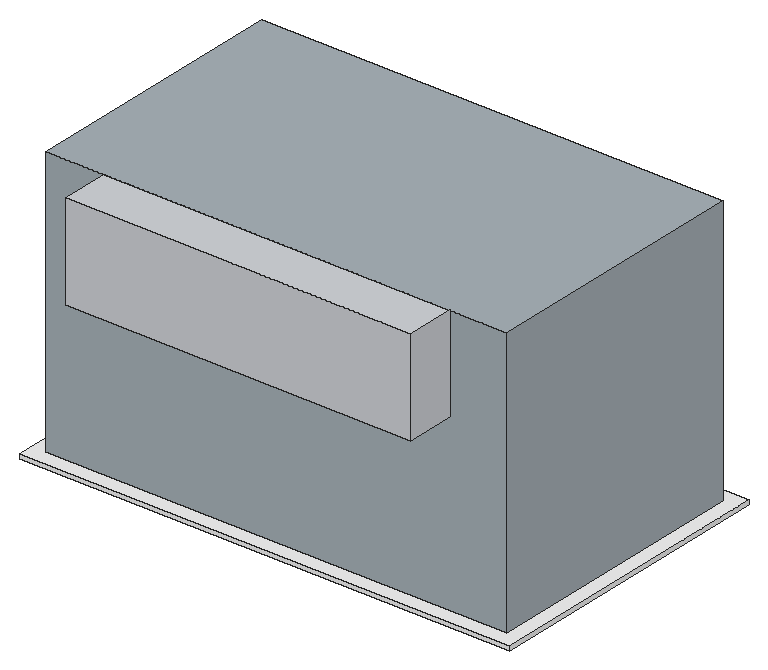
Revit family "QCF800", category Mechanical Equipment, Revit 2016
Family settings
  Part Type = Normal
  Round Connector Dimension = Use Diameter
  OmniClass Number = 23.75.70.21.24.11
  OmniClass Title = Constant Volume Air Terminal Units
  Work Plane-Based = Yes
  Always vertical = Yes
  Cut with Voids When Loaded = No
  Shared = No
  Room Calculation Point = No
Parameters (values of type "QCF800")
  CFM@0.10" S.P. [instance] = 693 CFM
  Frequency [instance] = 60 Hz
  Watt [instance] = 185 W
  Volts_AC [instance] = 120 VA
  Default Elevation = 6' - 0"
  CFM = "SP 0/CFM 755 - SP 0.10/CFM 693 - SP 0.30/CFM 580"
  C. DEPTH [instance] = 0' - 2 1/2"
  A [instance] = 2' - 0"
  E [instance] = 0' - 5"
  URL = "http://www.reversomatic.com/product/qcf-800/"
  RPM [instance] = 29.733 m³
  D [instance] = 1' - 6"
  Model = "QCF800"
  Manufacturer = "REVERSOMATIC"
  C [instance] = 1' - 2"
  B [instance] = 1' - 2"
  Description = "CEILING OR IN-LINE TWIN BLOWER FANS"
  F [instance] = 1' - 3 1/2"
  G [instance] = 2' - 1 1/2"
  Amps [instance] = 5.2 A
Reference planes (in)
  plane 1 "Center (Front/Back)": y = 0
  plane 2: z = 0
  plane 3 "Center (Left/Right)": x = 0
  plane 4: z = 14
  plane 5: y = 7
  plane 6: y = -7
  plane 7: x = 12
  plane 8: x = -12
  plane 9: y = 7.75
  plane 10: x = 12.75
  plane 11: y = -7.75
  plane 12: x = -12.75
  plane 13: x = -9
  plane 14: x = 9
  plane 15: z = 5
Forms (in)
  Extrusion 1, solid, material "Default New Material"
    sketch origin (0, 0, 0) x (1, 0, 0) y (0, 1, 0)
      loop
        line (-12, 7) -> (-12, -7) -> (12, -7) -> (12, 7) -> (-12, 7)
    from 0 to 14
  Extrusion 2, solid, material "Default"
    sketch origin (0, 0, 0) x (0, 1, 0) y (1, 0, 0)
      loop
        line (-7.75, 12.75) -> (-7.75, -12.75) -> (7.75, -12.75) -> (7.75, 12.75) -> (-7.75, 12.75)
    from 0 to 0.24475
  Extrusion 3, solid
    sketch origin (12, -7, 9) x (-1, 0, 0) y (0, 0, -1)
      loop
        line (21, 0) -> (3, 0) -> (3, -5) -> (21, -5) -> (21, 0)
    from 0 to 2.5
Lines and regions (in)
  model lines, not visible
    curve 1: line (-9.88226, 2.47827, 0.12972) -> (-9.88226, -5.27173, 0.12972)
    curve 2: line (-9.39339, 1.7977, 0.08881) -> (-9.39339, -4.7023, 0.08881)
    curve 3: line (-8.82749, 1.22023, 0.04145) -> (-8.82749, -4.02977, 0.04145)
    curve 4: line (-8.31817, 0.7005, -0.00117) -> (-8.31817, -3.5495, -0.00117)
Dimensions and locks (in)
  "C": plane 4 to level
  equal spacing: plane 8, plane 3 "Center (Left/Right)", plane 7
  "A": plane 8 to plane 7
  equal spacing: plane 5, plane 1 "Center (Front/Back)", plane 6
  "B": plane 5 to plane 6
  equal spacing: plane 12, plane 3 "Center (Left/Right)", plane 10
  "G": plane 12 to plane 10
  equal spacing: plane 9, plane 1 "Center (Front/Back)", plane 11
  "F": plane 9 to plane 11
  equal spacing: plane 13, plane 3 "Center (Left/Right)", plane 14
  "D": plane 13 to plane 14
  "E": plane 15 to level
  connector elem to plane 13 = 0' - 9"
  "C. DEPTH": plane 6 to Extrusion 3
  aligned and locked: plane 2 to level
  aligned and locked: plane 4 to Extrusion 1
  aligned and locked: Extrusion 1 to plane 7
  aligned and locked: Extrusion 1 to plane 5
  aligned and locked: plane 8 to Extrusion 1
  aligned and locked: Extrusion 1 to plane 6
  aligned and locked: Extrusion 2 to plane 9
  aligned and locked: plane 10 to Extrusion 2
  aligned and locked: Extrusion 2 to plane 11
  aligned and locked: plane 12 to Extrusion 2
  aligned and locked: Extrusion 3 to plane 13
  aligned and locked: plane 14 to Extrusion 3
Automatic sketch dimensions
  Extrusion 1 sketch curve to plane 3 "Center (Left/Right)" = 1' - 0"
  plane 3 "Center (Left/Right)" to Extrusion 1 sketch curve = 1' - 0"
  plane 1 "Center (Front/Back)" to Extrusion 1 sketch curve = 0' - 7"
  Extrusion 1 sketch curve to plane 1 "Center (Front/Back)" = 0' - 7"
  plane 1 "Center (Front/Back)" to Extrusion 2 sketch curve = 0' - 7 3/4"
  Extrusion 2 sketch curve to plane 1 "Center (Front/Back)" = 0' - 7 3/4"
  plane 3 "Center (Left/Right)" to Extrusion 2 sketch curve = 1' - 0 3/4"
  Extrusion 2 sketch curve to plane 3 "Center (Left/Right)" = 1' - 0 3/4"
  Extrusion 3 sketch curve to Extrusion 1 = 0' - 3"
  Extrusion 1 to Extrusion 3 sketch curve = 0' - 3"
  Extrusion 1 to Extrusion 3 sketch curve = 1' - 2"
  Extrusion 3 sketch curve to Extrusion 3 sketch curve = 0' - 5"
Connectors (in)
  hvac at (0, -9.5, 11.5), driven by "E", driven by "D"
    settings: on Extrusion 3, index 1, duct flow 0 CFM, flow factor 0, pres drop 0.00 in-wg, loss coef 0, conn angle 0.00°, conn width 18", conn height 5", conn diameter 24", duct sys type 1, conn prof type 1, flow config 0, flow direction 0, loss method 0, conn ref index -1, conn util no, is conn primary yes, conn desc ""
